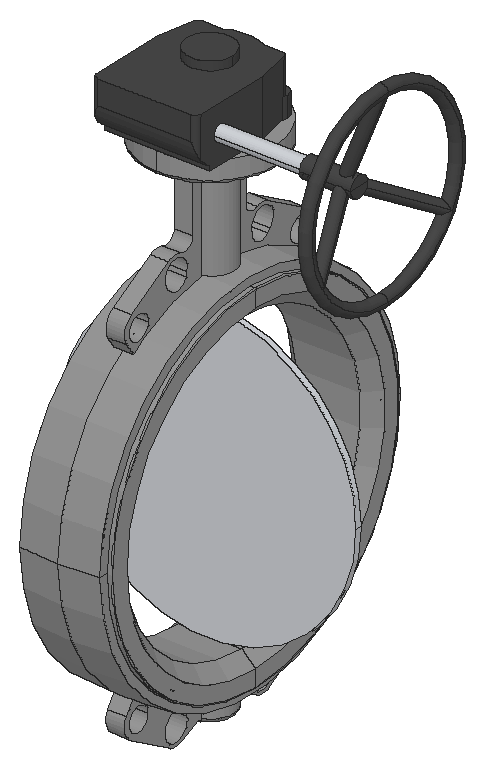
Revit family "HERZ Isolating Butterfly Valves ZF-4219 with gearbox", category Rohrzubehör, Revit 2020
Family settings
  Bemaßung runder Anschluss = Durchmesser verwenden
  Teiletyp = Unterbricht
  Arbeitsebenenbasiert = Nein
  Immer vertikal = Ja
  Beim Laden mit Abzugskörper schneiden = Nein
  Gemeinsam genutzt = Nein
Parameters
  Weight [instance] = size_lookup("4219_ZF_G", "M", 37.6, Nennweite)  # 37.6
  Vorgabe-Ansicht = 0 mm
  URL = "www.herzvalves.com"
  Spindle = "stainless steel ASTM-A276 / Type 316"  # constant formula
  Screws PN16 [instance] = if(Nennweite = 50 mm, "4x M16x100", if(Nennweite = 65 mm, "4x M16x100", if(Nennweite = 80 mm, "8x M16x100", if(Nennweite = 100 mm, "8x M16x110", if(Nennweite = 125 mm, "8x M16x120", if(Nennweite = 150 mm, "8x M20x120", if(Nennweite = 200 mm, "12x M20x130", if(Nennweite = 250 mm, "12x M24x140", "12x M24x160"))))))))  # "12x M24x160"
  Screws PN 6 [instance] = if(Nennweite = 50 mm, "4x M12x100", if(Nennweite = 65 mm, "4x M12x100", if(Nennweite = 80 mm, "4x M16x100", if(Nennweite = 100 mm, "4x M16x100", if(Nennweite = 125 mm, "8x M16x110", if(Nennweite = 150 mm, "8x M16x110", if(Nennweite = 200 mm, "--", if(Nennweite = 250 mm, "12x M16x130", "12xM16x140"))))))))  # "12xM16x140"
  Screws PN10 [instance] = if(Nennweite = 50 mm, "4x M16x100", if(Nennweite = 65 mm, "4x M16x100", if(Nennweite = 80 mm, "4x M16x100", if(Nennweite = 100 mm, "4x M16x110", if(Nennweite = 125 mm, "8x M16x120", if(Nennweite = 150 mm, "8x M20x120", if(Nennweite = 200 mm, "8x M20x130", if(Nennweite = 250 mm, "12x M20x130", "12x M20x150"))))))))  # "12x M20x150"
  SCTWSEQ = "FW;SBT_TYP_FW=\"101\";2"
  SCTWCODE = "04;07;02"  # constant formula
  SCRNSEQ = "ARM;ARM_TYP=\"ALLF\";2"
  SCRNCODE = "05;13;02"  # constant formula
  R_Dichtung = 1.5 mm  # constant formula
  Part number [instance] = size_lookup("4219_ZF_G", "Artnr", 1421901, Nennweite)  # 1421969
  PN16 [instance] = or(Nennweite = 50 mm, Nennweite = 65 mm, Nennweite = 80 mm, Nennweite = 100 mm, Nennweite = 125 mm, Nennweite = 150 mm, Nennweite = 200 mm, Nennweite = 250 mm, Nennweite = 300 mm)  # yes
  PN10 [instance] = or(Nennweite = 50 mm, Nennweite = 65 mm, Nennweite = 80 mm, Nennweite = 100 mm, Nennweite = 125 mm, Nennweite = 150 mm, Nennweite = 200 mm, Nennweite = 250 mm, Nennweite = 300 mm)  # yes
  PN 6 [instance] = or(Nennweite = 50 mm, Nennweite = 65 mm, Nennweite = 80 mm, Nennweite = 100 mm, Nennweite = 125 mm, Nennweite = 150 mm, Nennweite = 250 mm, Nennweite = 300 mm)  # yes
  PN [instance] = 16  # constant formula
  O-Ring = "EPDM according to ISO 1691"  # constant formula
  Nennweite [instance] = 300 mm
  Min. operating temperature = "-20.00 °C with appropriate water-glycol mixture"  # constant formula
  Medium = "Heating water quality according ÖNORM H5195 or VDI-Standard 2035. The use of ethylene or propylene glycol in a\nmixing ratio 25- 50% is allowed."
  Max. operating temperature = 110 °C  # constant formula
  LO1 [instance] = R05 + 10 mm  # 193 mm
  L16 [instance] = L01 - L13  # 299 mm
  L15 [instance] = L01 + L12  # 328 mm
  L14 [instance] = size_lookup("4219_ZF_G", "L_14", 44.4 mm, Nennweite)  # 89.4 mm
  L13 [instance] = size_lookup("4219_ZF_G", "L_13", 15 mm, Nennweite)  # 9 mm
  L12 [instance] = size_lookup("4219_ZF_G", "L_12", 15 mm, Nennweite)  # 20 mm
  L11 [instance] = size_lookup("4219_ZF_G", "L_11", 15 mm, Nennweite)  # 23 mm
  L10 [instance] = size_lookup("4219_ZF_G", "L_10", 16 mm, Nennweite)  # 16 mm
  L09 [instance] = size_lookup("4219_ZF_G", "L9", 29 mm, Nennweite)  # 61 mm
  L08 [instance] = size_lookup("4219_ZF_G", "L8", 43 mm, Nennweite)  # 78 mm
  L07 [instance] = size_lookup("4219_ZF_G", "L7", 3.5 mm, Nennweite)  # 4.5 mm
  L06 [instance] = size_lookup("4219_ZF_G", "L6", 18 mm, Nennweite)  # 44 mm
  L05 [instance] = size_lookup("4219_ZF_G", "L5", 35 mm, Nennweite)  # 67 mm
  L04 [instance] = size_lookup("4219_ZF_G", "L4", 35 mm, Nennweite)  # 17.5 mm
  L03 [instance] = size_lookup("4219_ZF_G", "L3", 35 mm, Nennweite)  # 207.5 mm
  L02 [instance] = size_lookup("4219_ZF_G", "L2", 35 mm, Nennweite)  # 122 mm
  L01 [instance] = size_lookup("4219_ZF_G", "L1", 35 mm, Nennweite)  # 308 mm
  Hersteller = "HERZ Armaturen Ges.m.b.H."  # constant formula
  H [instance] = size_lookup("4219_ZF_G", "H1", 9 mm, Nennweite)  # 22 mm
  Flange = "according to EN1092-2"  # constant formula
  Einbaudatum [instance] = ""
  Troque in Nm [instance] = size_lookup("4219_ZF_G", "NM", 350, Nennweite)  # 350
  Disc = "stainless steel 1.4408"  # constant formula
  DN300 [instance] = Nennweite = 300 mm  # yes
  DN250 [instance] = Nennweite = 250 mm  # no
  DN200 [instance] = Nennweite = 200 mm  # no
  DN150 [instance] = Nennweite = 150 mm  # no
  DN125 [instance] = Nennweite = 125 mm  # no
  DN100 [instance] = Nennweite = 100 mm  # no
  DN 80 [instance] = Nennweite = 80 mm  # no
  DN 65 [instance] = Nennweite = 65 mm  # no
  DN 50 [instance] = Nennweite = 50 mm  # no
  Chargennummer [instance] = ""
  Body sealing = "EPDM according to ISO 1691"  # constant formula
  Body = "GG, GJL-250/JL1040, according to EN1561"  # constant formula
  BD [instance] = size_lookup("4219_ZF_G", "DB", 24 mm, Nennweite)  # 290 mm
  D09 [instance] = size_lookup("4219_ZF_G", "D9", 24 mm, Nennweite)  # 145 mm
  D08 [instance] = size_lookup("4219_ZF_G", "D8", 47 mm, Nennweite)  # 18 mm
  D07 [instance] = size_lookup("4219_ZF_G", "D7", 47 mm, Nennweite)  # 37.5 mm
  D06 [instance] = size_lookup("4219_ZF_G", "D6", 47 mm, Nennweite)  # 65 mm
  R05 [instance] = size_lookup("4219_ZF_G", "D5", 47 mm, Nennweite)  # 183 mm
  D05 [instance] = R05 * 2  # 366 mm
  D04 [instance] = size_lookup("4219_ZF_G", "D4", 41 mm, Nennweite)  # 175 mm
  D03 [instance] = size_lookup("4219_ZF_G", "D3", 35.5 mm, Nennweite)  # 167.5 mm
  R01 [instance] = size_lookup("4219_ZF_G", "D1", 28 mm, Nennweite)  # 154.5 mm
  R02 [instance] = size_lookup("4219_ZF_G", "D2", 30 mm, Nennweite)  # 156.5 mm
  Application = "Suitable for fluids in building services, cold water systems, hot water saystems, etc."
Reference planes
  plane 1 "Mitte (Vorne/hinten)": y = 0
  plane 2: z = 0
  plane 3 "Mitte (Links/rechts)": x = 0
Forms (mm)
  Revolve 1, solid, material "Herz-Metall-blau", detail levels fine
    sketch origin (0, 0, 0) x (1, 0, 0) y (0, 1, 0)
      loop
        line (0, 185.241) -> (-39, 183) -> (-39, 175) -> (-30.5, 175) -> (-30.5, 167.5) -> (-32, 167.5)
        arc (-32, 167.5) -> (-33.061, 167.061) -> (-33.5, 166) r 1.5
        line (-33.5, 166) -> (-33.5, 156.824)
        arc (-33.5, 156.824) -> (-33.229, 155.964) -> (-32.513, 155.415) r 1.5
        line (-32.513, 155.415) -> (-29, 154.5) -> (-22, 154.5) -> (-22, 156.5) -> (22, 156.5) -> (22, 154.5) -> (29, 154.5) -> (32.513, 155.415)
        arc (32.513, 155.415) -> (33.229, 155.964) -> (33.5, 156.824) r 1.5
        line (33.5, 156.824) -> (33.5, 166)
        arc (33.5, 166) -> (33.061, 167.061) -> (32, 167.5) r 1.5
        line (32, 167.5) -> (30.5, 167.5) -> (30.5, 175) -> (39, 175) -> (39, 183) -> (0, 185.241)
      axis (39, 0) -> (-39, 0)
    angle from 0 to 360
  Extrusion 2, solid, material "Herz-Metall-blau", visible <- "DN 50", detail levels fine
    sketch origin (0, 0, 0) x (0, 1, 0) y (0, 0, 1)
      loop
        line (20, 54.051) -> (20.008, 111.113) -> (16.897, 110.952)
        arc (16.897, 110.952) -> (15.55, 110.331) -> (15, 108.954) r 2
        line (15, 108.954) -> (15, 44.542)
        arc (15, 44.542) -> (31.465, 34.913) -> (42.748, 19.534) r 47
        arc (42.748, 19.534) -> (42.633, 20.873) -> (43.392, 21.983) r 2
        line (43.392, 21.983) -> (54.714, 30.209)
        arc (54.714, 30.209) -> (56.569, 56.569) -> (30.209, 54.714) r 17.5
        line (30.209, 54.714) -> (27.87, 51.494)
        arc (27.87, 51.494) -> (23.006, 49.914) -> (20, 54.051) r 4.35
      loop
        arc (32.065, 41.998) -> (33.588, 33.588) -> (41.998, 32.065) r 7.5
        line (41.998, 32.065) -> (48.502, 35.17)
        arc (48.502, 35.17) -> (51.265, 51.265) -> (35.17, 48.502) r 10
        line (35.17, 48.502) -> (32.065, 41.998)
      loop
        arc (-20, 54.051) -> (-23.006, 49.914) -> (-27.87, 51.494) r 4.35
        line (-27.87, 51.494) -> (-30.209, 54.714)
        arc (-30.209, 54.714) -> (-56.569, 56.569) -> (-54.714, 30.209) r 17.5
        line (-54.714, 30.209) -> (-43.392, 21.983)
        arc (-43.392, 21.983) -> (-42.633, 20.873) -> (-42.748, 19.534) r 2
        arc (-42.748, 19.534) -> (-31.465, 34.913) -> (-15, 44.542) r 47
        line (-15, 44.542) -> (-15, 108.954)
        arc (-15, 108.954) -> (-15.55, 110.331) -> (-16.897, 110.952) r 2
        line (-16.897, 110.952) -> (-20.008, 111.113) -> (-20, 54.051)
      loop
        line (-32.065, 41.998) -> (-35.17, 48.502)
        arc (-35.17, 48.502) -> (-51.265, 51.265) -> (-48.502, 35.17) r 10
        line (-48.502, 35.17) -> (-41.998, 32.065)
        arc (-41.998, 32.065) -> (-33.588, 33.588) -> (-32.065, 41.998) r 7.5
      loop
        line (32.065, -41.998) -> (35.17, -48.502)
        arc (35.17, -48.502) -> (51.265, -51.265) -> (48.502, -35.17) r 10
        line (48.502, -35.17) -> (41.998, -32.065)
        arc (41.998, -32.065) -> (33.588, -33.588) -> (32.065, -41.998) r 7.5
      loop
        line (54.714, -30.209) -> (43.392, -21.983)
        arc (43.392, -21.983) -> (42.633, -20.873) -> (42.748, -19.534) r 2
        arc (42.748, -19.534) -> (33.234, -33.234) -> (19.534, -42.748) r 47
        arc (19.534, -42.748) -> (20.873, -42.633) -> (21.983, -43.392) r 2
        line (21.983, -43.392) -> (30.209, -54.714)
        arc (30.209, -54.714) -> (56.569, -56.569) -> (54.714, -30.209) r 17.5
      loop
        arc (-32.065, -41.998) -> (-33.588, -33.588) -> (-41.998, -32.065) r 7.5
        line (-41.998, -32.065) -> (-48.502, -35.17)
        arc (-48.502, -35.17) -> (-51.265, -51.265) -> (-35.17, -48.502) r 10
        line (-35.17, -48.502) -> (-32.065, -41.998)
      loop
        arc (-54.714, -30.209) -> (-56.569, -56.569) -> (-30.209, -54.714) r 17.5
        line (-30.209, -54.714) -> (-21.983, -43.392)
        arc (-21.983, -43.392) -> (-20.873, -42.633) -> (-19.534, -42.748) r 2
        arc (-19.534, -42.748) -> (-33.234, -33.234) -> (-42.748, -19.534) r 47
        arc (-42.748, -19.534) -> (-42.633, -20.873) -> (-43.392, -21.983) r 2
        line (-43.392, -21.983) -> (-54.714, -30.209)
    from -4.5 to 4.5
  Extrusion 3, solid, material "Herz-Metall-blau", visible <- "DN 65", detail levels fine
    sketch origin (0, 0, 0) x (0, 1, 0) y (0, 0, 1)
      loop
        arc (51.659, 21.619) -> (51.541, 22.778) -> (52.089, 23.805) r 2
        line (52.089, 23.805) -> (65.407, 37.123)
        arc (65.407, 37.123) -> (65.407, 65.407) -> (37.123, 65.407) r 20
        line (37.123, 65.407) -> (29.414, 57.699)
        arc (29.414, 57.699) -> (27.235, 57.265) -> (26, 59.113) r 2
        line (26, 59.113) -> (26, 136.154) -> (19.897, 135.838)
        arc (19.897, 135.838) -> (18.55, 135.218) -> (18, 133.841) r 2
        line (18, 133.841) -> (18, 53.028)
        arc (18, 53.028) -> (38.206, 40.942) -> (51.659, 21.619) r 56
      loop
        arc (55.637, 42.831) -> (57.983, 57.983) -> (42.831, 55.637) r 9.5
        line (42.831, 55.637) -> (39.647, 48.983)
        arc (39.647, 48.983) -> (41.012, 41.012) -> (48.983, 39.647) r 7
        line (48.983, 39.647) -> (55.637, 42.831)
      loop
        arc (51.659, -21.619) -> (39.598, -39.598) -> (21.619, -51.659) r 56
        arc (21.619, -51.659) -> (22.778, -51.541) -> (23.805, -52.089) r 2
        line (23.805, -52.089) -> (37.123, -65.407)
        arc (37.123, -65.407) -> (65.407, -65.407) -> (65.407, -37.123) r 20
        line (65.407, -37.123) -> (52.089, -23.805)
        arc (52.089, -23.805) -> (51.541, -22.778) -> (51.659, -21.619) r 2
      loop
        line (55.637, -42.831) -> (48.983, -39.647)
        arc (48.983, -39.647) -> (41.012, -41.012) -> (39.647, -48.983) r 7
        line (39.647, -48.983) -> (42.831, -55.637)
        arc (42.831, -55.637) -> (57.983, -57.983) -> (55.637, -42.831) r 9.5
      loop
        arc (-51.659, -21.619) -> (-51.541, -22.778) -> (-52.089, -23.805) r 2
        line (-52.089, -23.805) -> (-65.407, -37.123)
        arc (-65.407, -37.123) -> (-65.407, -65.407) -> (-37.123, -65.407) r 20
        line (-37.123, -65.407) -> (-23.805, -52.089)
        arc (-23.805, -52.089) -> (-22.778, -51.541) -> (-21.619, -51.659) r 2
        arc (-21.619, -51.659) -> (-39.598, -39.598) -> (-51.659, -21.619) r 56
      loop
        arc (-55.637, -42.831) -> (-57.983, -57.983) -> (-42.831, -55.637) r 9.5
        line (-42.831, -55.637) -> (-39.647, -48.983)
        arc (-39.647, -48.983) -> (-41.012, -41.012) -> (-48.983, -39.647) r 7
        line (-48.983, -39.647) -> (-55.637, -42.831)
      loop
        arc (-51.659, 21.619) -> (-38.206, 40.942) -> (-18, 53.028) r 56
        line (-18, 53.028) -> (-18, 133.838)
        arc (-18, 133.838) -> (-18.55, 135.215) -> (-19.897, 135.835) r 2
        line (-19.897, 135.835) -> (-26, 136.151) -> (-26, 59.113)
        arc (-26, 59.113) -> (-27.235, 57.265) -> (-29.414, 57.699) r 2
        line (-29.414, 57.699) -> (-37.123, 65.407)
        arc (-37.123, 65.407) -> (-65.407, 65.407) -> (-65.407, 37.123) r 20
        line (-65.407, 37.123) -> (-52.089, 23.805)
        arc (-52.089, 23.805) -> (-51.541, 22.778) -> (-51.659, 21.619) r 2
      loop
        line (-55.637, 42.831) -> (-48.983, 39.647)
        arc (-48.983, 39.647) -> (-41.012, 41.012) -> (-39.647, 48.983) r 7
        line (-39.647, 48.983) -> (-42.831, 55.637)
        arc (-42.831, 55.637) -> (-57.983, 57.983) -> (-55.637, 42.831) r 9.5
    from -4.5 to 4.5
  Extrusion 4, solid, material "Herz-Metall-blau", visible <- "DN 80", detail levels fine
    sketch origin (0, 0, 0) x (0, 1, 0) y (0, 0, 1)
      loop
        line (26, 143.161) -> (20.397, 142.871)
        arc (20.397, 142.871) -> (19.05, 142.251) -> (18.5, 140.874) r 2
        line (18.5, 140.874) -> (18.5, 62.833)
        arc (18.5, 62.833) -> (41.296, 50.842) -> (57.706, 30.989) r 65.5
        arc (57.706, 30.989) -> (57.482, 32.176) -> (57.983, 33.275) r 2
        line (57.983, 33.275) -> (67.23, 43.52)
        arc (67.23, 43.52) -> (70.328, 54.798) -> (65.407, 65.407) r 17
        line (65.407, 65.407) -> (42.005, 86.53)
        arc (42.005, 86.53) -> (37.832, 89.302) -> (33.031, 90.738) r 17
        arc (33.031, 90.738) -> (27.974, 93.895) -> (26, 99.52) r 9
        line (26, 99.52) -> (26, 143.161)
      loop
        circle (30.615, 73.91) r 9.5
      loop
        circle (53.387, 53.387) r 9.5
      loop
        arc (57.706, -30.989) -> (41.296, -50.842) -> (18.5, -62.833) r 65.5
        line (18.5, -62.833) -> (18.5, -85.837)
        arc (18.5, -85.837) -> (30.113, -90.903) -> (42.005, -86.53) r 17
        line (42.005, -86.53) -> (65.407, -65.407)
        arc (65.407, -65.407) -> (70.328, -54.798) -> (67.23, -43.52) r 17
        line (67.23, -43.52) -> (57.983, -33.275)
        arc (57.983, -33.275) -> (57.482, -32.176) -> (57.706, -30.989) r 2
      loop
        circle (30.615, -73.91) r 9.5
      loop
        circle (53.387, -53.387) r 9.5
      loop
        arc (-57.706, -30.989) -> (-57.482, -32.176) -> (-57.983, -33.275) r 2
        line (-57.983, -33.275) -> (-67.23, -43.52)
        arc (-67.23, -43.52) -> (-70.328, -54.798) -> (-65.407, -65.407) r 17
        line (-65.407, -65.407) -> (-42.005, -86.53)
        arc (-42.005, -86.53) -> (-30.113, -90.903) -> (-18.5, -85.837) r 17
        line (-18.5, -85.837) -> (-18.5, -62.833)
        arc (-18.5, -62.833) -> (-41.296, -50.842) -> (-57.706, -30.989) r 65.5
      loop
        circle (-30.615, -73.91) r 9.5
      loop
        circle (-53.387, -53.387) r 9.5
      loop
        line (-26, 143.179) -> (-26, 99.52)
        arc (-26, 99.52) -> (-27.974, 93.895) -> (-33.031, 90.738) r 9
        arc (-33.031, 90.738) -> (-37.832, 89.302) -> (-42.005, 86.53) r 17
        line (-42.005, 86.53) -> (-65.407, 65.407)
        arc (-65.407, 65.407) -> (-70.328, 54.798) -> (-67.23, 43.52) r 17
        line (-67.23, 43.52) -> (-57.983, 33.275)
        arc (-57.983, 33.275) -> (-57.482, 32.176) -> (-57.706, 30.989) r 2
        arc (-57.706, 30.989) -> (-41.296, 50.842) -> (-18.5, 62.833) r 65.5
        line (-18.5, 62.833) -> (-18.5, 140.891)
        arc (-18.5, 140.891) -> (-19.05, 142.268) -> (-20.397, 142.888) r 2
        line (-20.397, 142.888) -> (-26, 143.179)
      loop
        circle (-30.615, 73.91) r 9.5
      loop
        circle (-53.387, 53.387) r 9.5
    from -4.5 to 4.5
  Extrusion 5, solid, material "Herz-Metall-blau", visible <- "DN100", detail levels fine
    sketch origin (0, 0, 0) x (0, 1, 0) y (0, 0, 1)
      loop
        line (64.131, 38.887) -> (73.681, 49.873)
        arc (73.681, 49.873) -> (77.063, 61.29) -> (72.125, 72.125) r 17
        line (72.125, 72.125) -> (45.809, 95.79)
        arc (45.809, 95.79) -> (41.366, 98.675) -> (36.25, 100.053) r 17
        arc (36.25, 100.053) -> (28.882, 104.596) -> (26, 112.759) r 13
        line (26, 112.759) -> (26, 166.173) -> (20.397, 165.883)
        arc (20.397, 165.883) -> (19.05, 165.263) -> (18.5, 163.886) r 2
        line (18.5, 163.886) -> (18.5, 72.683)
        arc (18.5, 72.683) -> (44.637, 60.27) -> (64.131, 38.887) r 75
      loop
        circle (60.104, 60.104) r 9.5
      loop
        circle (34.442, 83.149) r 9.5
      loop
        arc (64.131, -38.887) -> (44.637, -60.27) -> (18.5, -72.683) r 75
        line (18.5, -72.683) -> (18.5, -95.329)
        arc (18.5, -95.329) -> (21.473, -95.603) -> (24.233, -96.743) r 10
        arc (24.233, -96.743) -> (35.191, -100.133) -> (45.809, -95.79) r 17
        line (45.809, -95.79) -> (72.125, -72.125)
        arc (72.125, -72.125) -> (77.063, -61.29) -> (73.681, -49.873) r 17
        line (73.681, -49.873) -> (64.131, -38.887)
      loop
        circle (60.104, -60.104) r 9.5
      loop
        circle (34.442, -83.149) r 9.5
      loop
        line (-64.131, -38.887) -> (-73.681, -49.873)
        arc (-73.681, -49.873) -> (-77.063, -61.29) -> (-72.125, -72.125) r 17
        line (-72.125, -72.125) -> (-45.809, -95.79)
        arc (-45.809, -95.79) -> (-35.191, -100.133) -> (-24.233, -96.743) r 17
        arc (-24.233, -96.743) -> (-21.473, -95.603) -> (-18.5, -95.329) r 10
        line (-18.5, -95.329) -> (-18.5, -72.683)
        arc (-18.5, -72.683) -> (-44.637, -60.27) -> (-64.131, -38.887) r 75
      loop
        circle (-60.104, -60.104) r 9.5
      loop
        circle (-34.442, -83.149) r 9.5
      loop
        arc (-64.131, 38.887) -> (-44.637, 60.27) -> (-18.5, 72.683) r 75
        line (-18.5, 72.683) -> (-18.5, 163.876)
        arc (-18.5, 163.876) -> (-19.05, 165.253) -> (-20.397, 165.873) r 2
        line (-20.397, 165.873) -> (-26, 166.164) -> (-26, 112.759)
        arc (-26, 112.759) -> (-28.882, 104.596) -> (-36.25, 100.053) r 13
        arc (-36.25, 100.053) -> (-41.366, 98.675) -> (-45.809, 95.79) r 17
        line (-45.809, 95.79) -> (-72.125, 72.125)
        arc (-72.125, 72.125) -> (-77.063, 61.29) -> (-73.681, 49.873) r 17
        line (-73.681, 49.873) -> (-64.131, 38.887)
      loop
        circle (-60.104, 60.104) r 9.5
      loop
        circle (-34.442, 83.149) r 9.5
    from -4.5 to 4.5
  Extrusion 6, solid, material "Herz-Metall-blau", visible <- "DN125", detail levels fine
    sketch origin (0, 0, 0) x (0, 1, 0) y (0, 0, 1)
      loop
        arc (75.229, 48.945) -> (74.917, 50.244) -> (75.492, 51.45) r 2
        line (75.492, 51.45) -> (82.731, 58.69)
        arc (82.731, 58.69) -> (87.711, 70.711) -> (82.731, 82.731) r 17
        line (82.731, 82.731) -> (51.291, 109.875)
        arc (51.291, 109.875) -> (46.108, 112.941) -> (40.182, 114.007) r 17
        line (40.182, 114.007) -> (38, 114.007)
        arc (38, 114.007) -> (29.515, 117.522) -> (26, 126.007) r 12
        line (26, 126.007) -> (26, 185.157) -> (20.397, 184.867)
        arc (20.397, 184.867) -> (19.05, 184.246) -> (18.5, 182.869) r 2
        line (18.5, 182.869) -> (18.5, 87.823)
        arc (18.5, 87.823) -> (50.736, 74.033) -> (75.229, 48.945) r 89.75
      loop
        circle (40.182, 97.007) r 9.5
      loop
        circle (70.711, 70.711) r 9.5
      loop
        arc (75.229, -48.945) -> (50.736, -74.033) -> (18.5, -87.823) r 89.75
        line (18.5, -87.823) -> (18.5, -108.431)
        arc (18.5, -108.431) -> (24.248, -107.655) -> (29.46, -110.2) r 10
        arc (29.46, -110.2) -> (40.434, -114.005) -> (51.291, -109.875) r 17
        line (51.291, -109.875) -> (82.731, -82.731)
        arc (82.731, -82.731) -> (87.711, -70.711) -> (82.731, -58.69) r 17
        line (82.731, -58.69) -> (75.492, -51.45)
        arc (75.492, -51.45) -> (74.917, -50.244) -> (75.229, -48.945) r 2
      loop
        circle (40.182, -97.007) r 9.5
      loop
        circle (70.711, -70.711) r 9.5
      loop
        arc (-75.229, -48.945) -> (-74.917, -50.244) -> (-75.492, -51.45) r 2
        line (-75.492, -51.45) -> (-82.731, -58.69)
        arc (-82.731, -58.69) -> (-87.711, -70.711) -> (-82.731, -82.731) r 17
        line (-82.731, -82.731) -> (-51.291, -109.875)
        arc (-51.291, -109.875) -> (-40.434, -114.005) -> (-29.46, -110.2) r 17
        arc (-29.46, -110.2) -> (-24.248, -107.655) -> (-18.5, -108.431) r 10
        line (-18.5, -108.431) -> (-18.5, -87.823)
        arc (-18.5, -87.823) -> (-50.736, -74.033) -> (-75.229, -48.945) r 89.75
      loop
        circle (-40.182, -97.007) r 9.5
      loop
        circle (-70.711, -70.711) r 9.5
      loop
        arc (-75.229, 48.945) -> (-50.736, 74.033) -> (-18.5, 87.823) r 89.75
        line (-18.5, 87.823) -> (-18.5, 182.852)
        arc (-18.5, 182.852) -> (-19.05, 184.23) -> (-20.397, 184.85) r 2
        line (-20.397, 184.85) -> (-26, 185.14) -> (-26, 126.007)
        arc (-26, 126.007) -> (-29.515, 117.522) -> (-38, 114.007) r 12
        line (-38, 114.007) -> (-40.182, 114.007)
        arc (-40.182, 114.007) -> (-46.108, 112.941) -> (-51.291, 109.875) r 17
        line (-51.291, 109.875) -> (-82.731, 82.731)
        arc (-82.731, 82.731) -> (-87.711, 70.711) -> (-82.731, 58.69) r 17
        line (-82.731, 58.69) -> (-75.492, 51.45)
        arc (-75.492, 51.45) -> (-74.917, 50.244) -> (-75.229, 48.945) r 2
      loop
        circle (-40.182, 97.007) r 9.5
      loop
        circle (-70.711, 70.711) r 9.5
    from -6 to 6
  Extrusion 7, solid, material "Herz-Metall-blau", visible <- "DN150", detail levels fine
    sketch origin (0, 0, 0) x (0, 1, 0) y (0, 0, 1)
      loop
        line (83.495, 59.454) -> (91.57, 67.529)
        arc (91.57, 67.529) -> (96.55, 79.55) -> (91.57, 91.57) r 17
        line (91.57, 91.57) -> (57.511, 123.304)
        arc (57.511, 123.304) -> (45.758, 127.865) -> (34.095, 123.077) r 17
        arc (34.095, 123.077) -> (28.976, 122.416) -> (26, 126.633) r 5
        line (26, 126.633) -> (26, 198.177) -> (20.397, 197.887)
        arc (20.397, 197.887) -> (19.05, 197.267) -> (18.5, 195.889) r 2
        line (18.5, 195.889) -> (18.5, 100.817)
        arc (18.5, 100.817) -> (55.032, 86.474) -> (83.495, 59.454) r 102.5
      loop
        circle (45.922, 110.866) r 11.5
      loop
        circle (79.55, 79.55) r 9.5
      loop
        circle (45.922, -110.866) r 11.5
      loop
        circle (79.55, -79.55) r 9.5
      loop
        line (91.57, -67.529) -> (83.495, -59.454)
        arc (83.495, -59.454) -> (55.032, -86.474) -> (18.5, -100.817) r 102.5
        line (18.5, -100.817) -> (18.5, -123.208)
        arc (18.5, -123.208) -> (19.363, -121.755) -> (21.03, -121.482) r 2
        line (21.03, -121.482) -> (42.642, -127.546)
        arc (42.642, -127.546) -> (50.587, -127.213) -> (57.511, -123.304) r 17
        line (57.511, -123.304) -> (91.57, -91.57)
        arc (91.57, -91.57) -> (96.55, -79.55) -> (91.57, -67.529) r 17
      loop
        arc (-83.495, 59.454) -> (-55.032, 86.474) -> (-18.5, 100.817) r 102.5
        line (-18.5, 100.817) -> (-18.5, 195.875)
        arc (-18.5, 195.875) -> (-19.05, 197.252) -> (-20.397, 197.872) r 2
        line (-20.397, 197.872) -> (-26, 198.163) -> (-26, 126.633)
        arc (-26, 126.633) -> (-28.976, 122.416) -> (-34.095, 123.077) r 5
        arc (-34.095, 123.077) -> (-45.758, 127.865) -> (-57.511, 123.304) r 17
        line (-57.511, 123.304) -> (-91.57, 91.57)
        arc (-91.57, 91.57) -> (-96.55, 79.55) -> (-91.57, 67.529) r 17
        line (-91.57, 67.529) -> (-83.495, 59.454)
      loop
        circle (-45.922, 110.866) r 11.5
      loop
        circle (-79.55, 79.55) r 9.5
      loop
        circle (-45.922, -110.866) r 11.5
      loop
        circle (-79.55, -79.55) r 9.5
      loop
        arc (-91.57, -67.529) -> (-96.55, -79.55) -> (-91.57, -91.57) r 17
        line (-91.57, -91.57) -> (-57.511, -123.304)
        arc (-57.511, -123.304) -> (-50.587, -127.213) -> (-42.642, -127.546) r 17
        line (-42.642, -127.546) -> (-21.03, -121.482)
        arc (-21.03, -121.482) -> (-19.363, -121.755) -> (-18.5, -123.208) r 2
        line (-18.5, -123.208) -> (-18.5, -100.817)
        arc (-18.5, -100.817) -> (-55.032, -86.474) -> (-83.495, -59.454) r 102.5
        line (-83.495, -59.454) -> (-91.57, -67.529)
    from -7 to 7
  Extrusion 8, solid, material "Herz-Metall-blau", visible <- "DN200", detail levels fine
    sketch origin (0, 0, 0) x (0, 1, 0) y (0, 0, 1)
      loop
        arc (42.048, 153.832) -> (26.654, 145.827) -> (35.349, 130.812) r 12
        line (35.349, 130.812) -> (53.31, 124.689)
        arc (53.31, 124.689) -> (67.804, 132.4) -> (61.038, 147.359) r 12
        line (61.038, 147.359) -> (42.048, 153.832)
      loop
        line (28, 226.273) -> (22.065, 226.047)
        arc (22.065, 226.047) -> (20.655, 225.469) -> (20, 224.092) r 2.114
        line (20, 224.092) -> (20, 129.471)
        arc (20, 129.471) -> (49.604, 121.273) -> (76.485, 106.406) r 130.989
        line (76.485, 106.406) -> (76.485, 136.265)
        arc (76.485, 136.265) -> (73.108, 147.391) -> (64.117, 154.764) r 20.019
        line (64.117, 154.764) -> (38.16, 163.592)
        arc (38.16, 163.592) -> (30.802, 169.06) -> (28, 177.79) r 15
        line (28, 177.79) -> (28, 226.273)
      loop
        line (42.048, -153.832) -> (61.038, -147.359)
        arc (61.038, -147.359) -> (67.804, -132.4) -> (53.31, -124.689) r 12
        line (53.31, -124.689) -> (35.349, -130.812)
        arc (35.349, -130.812) -> (26.654, -145.827) -> (42.048, -153.832) r 12
      loop
        arc (76.446, -106.382) -> (49.585, -121.253) -> (20, -129.464) r 131
        line (20, -129.464) -> (20, -141.835)
        arc (20, -141.835) -> (28.361, -158.099) -> (46.453, -160.765) r 20
        line (46.453, -160.765) -> (64.099, -154.75)
        arc (64.099, -154.75) -> (73.075, -147.384) -> (76.446, -136.272) r 20
        line (76.446, -136.272) -> (76.446, -106.382)
      loop
        arc (-42.048, -153.832) -> (-26.654, -145.827) -> (-35.349, -130.812) r 12
        line (-35.349, -130.812) -> (-53.31, -124.689)
        arc (-53.31, -124.689) -> (-67.804, -132.4) -> (-61.038, -147.359) r 12
        line (-61.038, -147.359) -> (-42.048, -153.832)
      loop
        line (-76.446, -106.382) -> (-76.446, -136.272)
        arc (-76.446, -136.272) -> (-73.075, -147.384) -> (-64.099, -154.75) r 20
        line (-64.099, -154.75) -> (-46.453, -160.765)
        arc (-46.453, -160.765) -> (-28.361, -158.099) -> (-20, -141.835) r 20
        line (-20, -141.835) -> (-20, -129.464)
        arc (-20, -129.464) -> (-49.585, -121.253) -> (-76.446, -106.382) r 131
      loop
        line (-42.048, 153.832) -> (-61.038, 147.359)
        arc (-61.038, 147.359) -> (-67.804, 132.4) -> (-53.31, 124.689) r 12
        line (-53.31, 124.689) -> (-35.349, 130.812)
        arc (-35.349, 130.812) -> (-26.654, 145.827) -> (-42.048, 153.832) r 12
      loop
        line (-28, 226.278) -> (-28, 177.79)
        arc (-28, 177.79) -> (-30.802, 169.06) -> (-38.16, 163.592) r 15
        line (-38.16, 163.592) -> (-64.117, 154.764)
        arc (-64.117, 154.764) -> (-73.108, 147.391) -> (-76.485, 136.265) r 20.019
        line (-76.485, 136.265) -> (-76.485, 106.406)
        arc (-76.485, 106.406) -> (-49.604, 121.273) -> (-20, 129.471) r 130.989
        line (-20, 129.471) -> (-20, 224.098)
        arc (-20, 224.098) -> (-20.655, 225.475) -> (-22.065, 226.053) r 2.114
        line (-22.065, 226.053) -> (-28, 226.278)
    from -7 to 7
  Extrusion 9, solid, material "Herz-Metall-blau", visible <- "DN250", detail levels fine
    sketch origin (0, 0, 0) x (0, 1, 0) y (0, 0, 1)
      loop
        arc (-95.9, 125.382) -> (-61.406, 145.382) -> (-23, 156.095) r 157.75
        line (-23, 156.095) -> (-23, 258.814)
        arc (-23, 258.814) -> (-23.588, 260.113) -> (-24.893, 260.69) r 2
        line (-24.893, 260.69) -> (-32, 261.058) -> (-32, 187.712)
        arc (-32, 187.712) -> (-33.507, 185.205) -> (-36.428, 185.359) r 2.84
        arc (-36.428, 185.359) -> (-43.951, 188.152) -> (-51.918, 187.184) r 17
        line (-51.918, 187.184) -> (-97.072, 155.872)
        arc (-97.072, 155.872) -> (-100.207, 149.167) -> (-100.195, 141.765) r 17
        line (-100.195, 141.765) -> (-95.9, 125.382)
      loop
        circle (-83.608, 145.492) r 9.5
      loop
        circle (-45.549, 171.269) r 14
      loop
        arc (96.192, -125.349) -> (61.575, -145.51) -> (23, -156.317) r 157.999
        line (23, -156.317) -> (23, -181.388) -> (27.217, -181.388)
        arc (27.217, -181.388) -> (30.142, -181.826) -> (32.812, -183.1) r 10
        line (32.812, -183.1) -> (36.428, -185.542)
        arc (36.428, -185.542) -> (44.468, -188.388) -> (52.878, -186.972) r 17
        line (52.878, -186.972) -> (97.463, -155.872)
        arc (97.463, -155.872) -> (100.598, -149.167) -> (100.586, -141.765) r 17
        line (100.586, -141.765) -> (96.192, -125.349)
      loop
        circle (84, -145.492) r 9.5
      loop
        circle (45.94, -171.452) r 14
      loop
        line (-96.192, -125.349) -> (-100.586, -141.765)
        arc (-100.586, -141.765) -> (-100.598, -149.167) -> (-97.463, -155.872) r 17
        line (-97.463, -155.872) -> (-52.878, -186.972)
        arc (-52.878, -186.972) -> (-44.468, -188.388) -> (-36.428, -185.542) r 17
        line (-36.428, -185.542) -> (-32.812, -183.1)
        arc (-32.812, -183.1) -> (-30.142, -181.826) -> (-27.217, -181.388) r 10
        line (-27.217, -181.388) -> (-23, -181.388) -> (-23, -156.317)
        arc (-23, -156.317) -> (-61.575, -145.51) -> (-96.192, -125.349) r 157.999
      loop
        circle (-84, -145.492) r 9.5
      loop
        circle (-45.94, -171.452) r 14
      loop
        line (95.9, 125.2) -> (100.195, 141.582)
        arc (100.195, 141.582) -> (100.207, 148.984) -> (97.072, 155.689) r 17
        line (97.072, 155.689) -> (51.919, 187.036)
        arc (51.919, 187.036) -> (43.952, 188.006) -> (36.428, 185.212) r 17
        arc (36.428, 185.212) -> (33.507, 185.058) -> (32, 187.566) r 2.84
        line (32, 187.566) -> (32, 261.045) -> (24.893, 260.677)
        arc (24.893, 260.677) -> (23.588, 260.1) -> (23, 258.801) r 2
        line (23, 258.801) -> (23, 155.948)
        arc (23, 155.948) -> (61.411, 145.223) -> (95.9, 125.2) r 157.605
      loop
        circle (83.608, 145.31) r 9.5
      loop
        circle (45.549, 171.122) r 14
    from -9 to 9
  Extrusion 10, solid, material "Herz-Metall-blau", visible <- "DN300", detail levels fine
    sketch origin (0, 0, 0) x (0, 1, 0) y (0, 0, 1)
      loop
        arc (62.57, 187.834) -> (56.268, 211.23) -> (39.112, 194.12) r 14
        line (39.112, 194.12) -> (40.223, 189.928)
        arc (40.223, 189.928) -> (48.374, 181.769) -> (59.504, 184.767) r 11.5
        line (59.504, 184.767) -> (62.57, 187.834)
      loop
        circle (98.337, 170.892) r 12
      loop
        arc (113.094, 162.454) -> (114.748, 175.326) -> (106.837, 185.615) r 17
        line (106.837, 185.615) -> (61.701, 211.919)
        arc (61.701, 211.919) -> (54.44, 214.463) -> (46.806, 213.516) r 16.852
        arc (46.806, 213.516) -> (36.904, 213.681) -> (32, 222.285) r 10
        line (32, 222.285) -> (32, 286.38) -> (24.895, 286.033)
        arc (24.895, 286.033) -> (23.576, 285.442) -> (23, 284.117) r 2
        line (23, 284.117) -> (23, 181.202)
        arc (23, 181.202) -> (65.613, 170.505) -> (104.437, 149.94) r 182.63
        line (104.437, 149.94) -> (113.094, 162.454)
      loop
        line (62.984, -188.142) -> (59.917, -185.075)
        arc (59.917, -185.075) -> (48.787, -182.077) -> (40.637, -190.235) r 11.5
        line (40.637, -190.235) -> (39.525, -194.427)
        arc (39.525, -194.427) -> (56.681, -211.538) -> (62.984, -188.142) r 14
      loop
        circle (98.75, -171.04) r 12
      loop
        line (113.508, -162.601) -> (104.75, -150.055)
        arc (104.75, -150.055) -> (65.787, -170.766) -> (23, -181.549) r 183
        line (23, -181.549) -> (23, -206.327)
        arc (23, -206.327) -> (24.157, -204.218) -> (26.558, -204.062) r 2.5
        line (26.558, -204.062) -> (45.918, -213.443)
        arc (45.918, -213.443) -> (53.906, -214.994) -> (61.701, -212.654) r 17
        line (61.701, -212.654) -> (107.25, -185.762)
        arc (107.25, -185.762) -> (115.162, -175.474) -> (113.508, -162.601) r 17
      loop
        arc (-62.984, -188.142) -> (-56.681, -211.538) -> (-39.525, -194.427) r 14
        line (-39.525, -194.427) -> (-40.637, -190.235)
        arc (-40.637, -190.235) -> (-48.787, -182.077) -> (-59.917, -185.075) r 11.5
        line (-59.917, -185.075) -> (-62.984, -188.142)
      loop
        circle (-98.75, -171.04) r 12
      loop
        arc (-113.508, -162.601) -> (-115.162, -175.474) -> (-107.25, -185.762) r 17
        line (-107.25, -185.762) -> (-61.701, -212.654)
        arc (-61.701, -212.654) -> (-53.906, -214.994) -> (-45.918, -213.443) r 17
        line (-45.918, -213.443) -> (-26.558, -204.062)
        arc (-26.558, -204.062) -> (-24.157, -204.218) -> (-23, -206.327) r 2.5
        line (-23, -206.327) -> (-23, -181.549)
        arc (-23, -181.549) -> (-65.787, -170.766) -> (-104.75, -150.055) r 183
        line (-104.75, -150.055) -> (-113.508, -162.601)
      loop
        line (-62.574, 188.142) -> (-59.508, 185.075)
        arc (-59.508, 185.075) -> (-48.378, 182.077) -> (-40.227, 190.235) r 11.5
        line (-40.227, 190.235) -> (-39.116, 194.427)
        arc (-39.116, 194.427) -> (-56.272, 211.538) -> (-62.574, 188.142) r 14
      loop
        circle (-98.34, 171.04) r 12
      loop
        line (-113.098, 162.601) -> (-104.44, 150.087)
        arc (-104.44, 150.087) -> (-65.611, 170.637) -> (-23, 181.326) r 182.753
        line (-23, 181.326) -> (-23, 284.115)
        arc (-23, 284.115) -> (-23.577, 285.441) -> (-24.896, 286.032) r 2
        line (-24.896, 286.032) -> (-32, 286.379) -> (-32, 222.593)
        arc (-32, 222.593) -> (-37.217, 213.811) -> (-47.425, 214.193) r 10
        arc (-47.425, 214.193) -> (-54.523, 214.911) -> (-61.291, 212.654) r 17
        line (-61.291, 212.654) -> (-106.84, 185.762)
        arc (-106.84, 185.762) -> (-114.752, 175.474) -> (-113.098, 162.601) r 17
    from -9 to 9
  Revolve 11, solid, material "Herz-Metall-blau"
    sketch origin (0, 0, 0) x (0, 1, 0) y (0, 0, 1)
      loop
        line (0, -183) -> (0, -207.5) -> (20, -207.5)
        arc (20, -207.5) -> (22.121, -206.621) -> (23, -204.5) r 3
        line (23, -204.5) -> (23, -181.549)
        arc (23, -181.549) -> (11.523, -182.637) -> (0, -183) r 183
      axis (0, -181.549) -> (0, -207.5)
    angle from 0 to 360
  Revolve 12, solid, material "Herz-Metall-blau"
    sketch origin (0, 0, 0) x (0, 1, 0) y (0, 0, 1)
      loop
        line (0, 299) -> (0, 183)
        arc (0, 183) -> (11.523, 182.637) -> (23, 181.549) r 183
        line (23, 181.549) -> (23, 284)
        arc (23, 284) -> (23.549, 285.377) -> (24.895, 285.998) r 2
        line (24.895, 285.998) -> (63.105, 288)
        arc (63.105, 288) -> (64.451, 288.621) -> (65, 289.997) r 2
        line (65, 289.997) -> (65, 308) -> (37.5, 308) -> (37.5, 299) -> (0, 299)
      axis (0, 308) -> (0, 181.549)
    angle from 0 to 360
  Revolve 13, solid, material "Gummi"
    sketch origin (0, 0, 0) x (1, 0, 0) y (0, 0, 1)
      loop
        arc (-43.208, 175) -> (-44.263, 174.563) -> (-44.7, 173.508) r 1.492
        line (-44.7, 173.508) -> (-44.7, 156.718) -> (-30.5, 145) -> (30.5, 145) -> (44.7, 157.945) -> (44.7, 174)
        arc (44.7, 174) -> (44.407, 174.707) -> (43.7, 175) r 1
        line (43.7, 175) -> (30.5, 175) -> (30.5, 167.5) -> (32, 167.5)
        arc (32, 167.5) -> (33.061, 167.061) -> (33.5, 166) r 1.5
        line (33.5, 166) -> (33.5, 156.988)
        arc (33.5, 156.988) -> (33.122, 155.993) -> (32.18, 155.499) r 1.5
        line (32.18, 155.499) -> (29, 154.5) -> (20.027, 154.5) -> (20.027, 156.5) -> (-23.973, 156.5) -> (-23.973, 154.5) -> (-29, 154.5) -> (-32.18, 155.499)
        arc (-32.18, 155.499) -> (-33.122, 155.993) -> (-33.5, 156.988) r 1.5
        line (-33.5, 156.988) -> (-33.5, 166)
        arc (-33.5, 166) -> (-33.061, 167.061) -> (-32, 167.5) r 1.5
        line (-32, 167.5) -> (-30.5, 167.5) -> (-30.5, 175) -> (-43.208, 175)
      axis (-44.7, 0) -> (44.7, 0)
    angle from 0 to 360
  Extrusion 14, solid, detail levels fine
    sketch origin (0, 0, 0) x (1, 0, 0) y (0, 0, 1)
      loop
        circle (0, 0) r 145
    from -3 to 3
  Extrusion 15, solid, detail levels fine
    sketch origin (0, 0, 0) x (1, 0, 0) y (0, 1, 0)
      loop
        line (0, 15.556) -> (-15.556, 0) -> (0, -15.556) -> (15.556, 0) -> (0, 15.556)
    from 299 <- "L16" to 328 <- "L15"
Lines and regions (mm)
  model lines, detail levels coarse+medium
    curve 1: line (-39, 183, 0) -> (39, 183, 0)
    curve 2: line (-39, -183, 0) -> (-39, 183, 0)
    curve 3: line (39, -183, 0) -> (-39, -183, 0)
    curve 4: line (39, 183, 0) -> (39, -183, 0)
    curve 5: line (-39, 183, 0) -> (39, -183, 0)
    curve 6: circle (0, 0, 0) r 5 normal (0, 0, 1)
    curve 7: line (-39, 0, 183) -> (39, 0, 183)
    curve 8: line (-39, 0, -183) -> (-39, 0, 183)
    curve 9: line (39, 0, -183) -> (-39, 0, -183)
    curve 10: line (39, 0, 183) -> (39, 0, -183)
    curve 11: line (-39, 0, 183) -> (39, 0, -183)
    curve 12: circle (0, 0, 0) r 7 normal (0, -1, 0)
Dimensions and locks
  "L08": Revolve 1 sketch curve to Revolve 1 sketch curve
  equal spacing: Revolve 1 sketch curve, plane 3 "Mitte (Links/rechts)", Revolve 1 sketch curve  (x4)
  "L07": Revolve 1 sketch curve to Revolve 1 sketch curve  (x2)
  "L06": Revolve 1 sketch curve to Revolve 1 sketch curve
  "L05": Revolve 1 sketch curve to Revolve 1 sketch curve
  "L09": Revolve 1 sketch curve to Revolve 1 sketch curve
  "R05": plane 1 "Mitte (Vorne/hinten)" to Revolve 1 sketch curve  (x2)
  "D04": plane 1 "Mitte (Vorne/hinten)" to Revolve 1 sketch curve  (x2)
  "D03": plane 1 "Mitte (Vorne/hinten)" to Revolve 1 sketch curve  (x2)
  "R01": plane 1 "Mitte (Vorne/hinten)" to Revolve 1 sketch curve  (x2)
  "R02": plane 1 "Mitte (Vorne/hinten)" to Revolve 1 sketch curve
  equal spacing: curve 2, plane 3 "Mitte (Links/rechts)", curve 4
  equal spacing: curve 3, plane 1 "Mitte (Vorne/hinten)", curve 1
  "L08": curve 2 to curve 4
  "D05": curve 3 to curve 1
  equal spacing: curve 10, plane 3 "Mitte (Links/rechts)", curve 8
  equal spacing: curve 7, level, curve 9
  "D05": curve 7 to curve 9
  "L08": curve 8 to curve 10
  "L11": Revolve 11 sketch curve to plane 1 "Mitte (Vorne/hinten)"
  "L03": level to Revolve 11 sketch curve
  "R05": level to Revolve 11 sketch curve
  "R05": Revolve 12 sketch curve to curve 2
  "L11": Revolve 12 sketch curve to plane 1 "Mitte (Vorne/hinten)"
  "L01": Revolve 12 sketch curve to level
  "L12": Revolve 12 sketch curve to Revolve 12 sketch curve
  "L13": Revolve 12 sketch curve to Revolve 12 sketch curve
  "D07": Revolve 12 sketch curve to Revolve 12 sketch curve
  "D06": Revolve 12 sketch curve to Revolve 12 sketch curve
  Extrusion 10 sketch curve to plane 1 "Mitte (Vorne/hinten)" to Extrusion 10 sketch curve = 23 mm, 23 mm
  equal spacing: Extrusion 10 sketch curve, plane 1 "Mitte (Vorne/hinten)", Extrusion 10 sketch curve
  Extrusion 10 sketch curve to Extrusion 10 sketch curve = 64 mm
  Extrusion 9 sketch curve to plane 1 "Mitte (Vorne/hinten)" to Extrusion 9 sketch curve = 23 mm, 23 mm
  Extrusion 9 sketch curve to plane 1 "Mitte (Vorne/hinten)" to Extrusion 9 sketch curve = 32 mm, 32 mm
  Extrusion 8 sketch curve to Extrusion 8 sketch curve = 56 mm
  equal spacing: Extrusion 8 sketch curve, plane 1 "Mitte (Vorne/hinten)", Extrusion 8 sketch curve
  Extrusion 8 sketch curve to plane 1 "Mitte (Vorne/hinten)" to Extrusion 8 sketch curve = 20 mm, 20 mm
  equal spacing: Extrusion 7 sketch curve, plane 1 "Mitte (Vorne/hinten)", Extrusion 7 sketch curve
  Extrusion 7 sketch curve to Extrusion 7 sketch curve = 52 mm
  equal spacing: Extrusion 6 sketch curve, plane 1 "Mitte (Vorne/hinten)", Extrusion 6 sketch curve
  "R02": Revolve 13 sketch curve to curve 3
  "D04": Revolve 13 sketch curve to level  (x2)
  "L14": Revolve 13 sketch curve to Revolve 13 sketch curve
  "D09": Revolve 13 sketch curve to level
  "D03": Revolve 13 sketch curve to level  (x2)
  "R01": Revolve 13 sketch curve to level  (x2)
  "L09": Revolve 13 sketch curve to Revolve 13 sketch curve  (x2)
  "L06": Revolve 13 sketch curve to Revolve 13 sketch curve
  "L05": Revolve 13 sketch curve to Revolve 13 sketch curve
  equal spacing: Revolve 13 sketch curve, plane 3 "Mitte (Links/rechts)", Revolve 13 sketch curve  (x4)
  "L07": Revolve 13 sketch curve to Revolve 13 sketch curve  (x2)
  equal spacing: Extrusion 15 sketch curve, plane 3 "Mitte (Links/rechts)", Extrusion 15 sketch curve  (x2)
  "H": Extrusion 15 sketch curve to Extrusion 15 sketch curve  (x2)
  "L11": nested 1 to plane 3 "Mitte (Links/rechts)"
  "LO1": plane 2 to nested 1
  "R05": radius of Revolve 11 sketch curve
  "R05": radius of Revolve 12 sketch curve
  "R_Dichtung": radius of Revolve 13 sketch curve  (x4)
  "BD": diameter of Extrusion 14 sketch curve
  angle Revolve 1 sketch curve to Revolve 1 sketch curve = 93.2891°  (x2)
  angle Revolve 12 sketch curve to Revolve 12 sketch curve = 93.00°
  angle plane 3 "Mitte (Links/rechts)" to Extrusion 15 sketch curve = 45.00°
  angle Extrusion 15 sketch curve to plane 3 "Mitte (Links/rechts)" = 45.00°
  aligned and locked: level to plane 2
Automatic sketch dimensions
  Extrusion 2 sketch curve to Extrusion 2 sketch curve = 0 mm  (x28)
  Extrusion 2 sketch curve to level = 0 mm
  Extrusion 2 sketch curve to plane 1 "Mitte (Vorne/hinten)" = 0 mm
  plane 1 "Mitte (Vorne/hinten)" to Extrusion 2 sketch curve = 15 mm
  Extrusion 2 sketch curve to Extrusion 2 sketch curve = 1.897 mm  (x2)
  Extrusion 2 sketch curve to Extrusion 2 sketch curve = 0.103 mm  (x2)
  Extrusion 2 sketch curve to Extrusion 2 sketch curve = 5 mm  (x2)
  Extrusion 2 sketch curve to Extrusion 2 sketch curve = 3.111 mm  (x2)
  plane 1 "Mitte (Vorne/hinten)" to Extrusion 2 sketch curve = 20.365 mm
  Extrusion 2 sketch curve to Extrusion 2 sketch curve = 1.618 mm  (x6)
  Extrusion 2 sketch curve to Extrusion 2 sketch curve = 4.35 mm  (x2)
  Extrusion 2 sketch curve to Extrusion 2 sketch curve = 3.519 mm  (x2)
  Extrusion 2 sketch curve to Extrusion 2 sketch curve = 2.34 mm  (x2)
  Extrusion 2 sketch curve to Extrusion 2 sketch curve = 8.226 mm  (x6)
  Extrusion 2 sketch curve to Extrusion 2 sketch curve = 10.081 mm  (x6)
  Extrusion 2 sketch curve to Extrusion 2 sketch curve = 4.195 mm  (x2)
  Extrusion 2 sketch curve to Extrusion 2 sketch curve = 3.105 mm  (x8)
  Extrusion 2 sketch curve to Extrusion 2 sketch curve = 6.826 mm  (x8)
  Extrusion 2 sketch curve to Extrusion 2 sketch curve = 3.107 mm  (x4)
  Extrusion 2 sketch curve to Extrusion 2 sketch curve = 1.394 mm  (x6)
  Extrusion 2 sketch curve to Extrusion 2 sketch curve = 5.303 mm  (x8)
  Extrusion 2 sketch curve to Extrusion 2 sketch curve = 1.176 mm  (x6)
  Extrusion 2 sketch curve to Extrusion 2 sketch curve = 6.505 mm  (x4)
  Extrusion 2 sketch curve to Extrusion 2 sketch curve = 6.212 mm  (x4)
  Extrusion 2 sketch curve to plane 1 "Mitte (Vorne/hinten)" = 15 mm
  Extrusion 2 sketch curve to plane 1 "Mitte (Vorne/hinten)" = 20.365 mm
  Extrusion 2 sketch curve to level = 20.365 mm  (x2)
  level to Extrusion 2 sketch curve = 20.365 mm  (x2)
  Extrusion 2 sketch curve to Extrusion 2 sketch curve = 2.545 mm  (x2)
  Extrusion 2 sketch curve to Extrusion 2 sketch curve = 3.22 mm  (x2)
  Extrusion 2 sketch curve to Extrusion 2 sketch curve = 2.557 mm  (x2)
  Extrusion 2 sketch curve to Extrusion 2 sketch curve = 54.903 mm
  Extrusion 2 sketch curve to Extrusion 2 sketch curve = 0.161 mm  (x2)
  Extrusion 2 sketch curve to Extrusion 2 sketch curve = 0.831 mm  (x2)
  Extrusion 2 sketch curve to Extrusion 2 sketch curve = 1.819 mm  (x2)
  Extrusion 10 sketch curve to Extrusion 10 sketch curve = 0 mm  (x23)
  Extrusion 10 sketch curve to level = 0 mm
  Extrusion 10 sketch curve to plane 1 "Mitte (Vorne/hinten)" = 0 mm
  Extrusion 10 sketch curve to Extrusion 10 sketch curve = 1.896 mm
  Extrusion 10 sketch curve to Extrusion 10 sketch curve = 1.998 mm
  plane 1 "Mitte (Vorne/hinten)" to Extrusion 10 sketch curve = 25.5 mm
  Extrusion 10 sketch curve to Extrusion 10 sketch curve = 1.058 mm  (x2)
  Extrusion 10 sketch curve to Extrusion 10 sketch curve = 16.116 mm
  Extrusion 10 sketch curve to Extrusion 10 sketch curve = 12.968 mm
  Extrusion 10 sketch curve to Extrusion 10 sketch curve = 10 mm  (x2)
  Extrusion 10 sketch curve to Extrusion 10 sketch curve = 6.393 mm  (x2)
  Extrusion 10 sketch curve to Extrusion 10 sketch curve = 12.239 mm  (x4)
  Extrusion 10 sketch curve to Extrusion 10 sketch curve = 1.294 mm  (x4)
  Extrusion 10 sketch curve to Extrusion 10 sketch curve = 8.643 mm
  Extrusion 10 sketch curve to Extrusion 10 sketch curve = 15.783 mm  (x2)
  Extrusion 10 sketch curve to Extrusion 10 sketch curve = 11.22 mm  (x3)
  Extrusion 10 sketch curve to Extrusion 10 sketch curve = 35.766 mm  (x3)
  Extrusion 10 sketch curve to Extrusion 10 sketch curve = 6 mm  (x2)
  Extrusion 10 sketch curve to Extrusion 10 sketch curve = 6.1 mm
  Extrusion 10 sketch curve to Extrusion 10 sketch curve = 8.5 mm  (x4)
  Extrusion 10 sketch curve to Extrusion 10 sketch curve = 8.658 mm
  Extrusion 10 sketch curve to Extrusion 10 sketch curve = 8.758 mm  (x2)
  Extrusion 10 sketch curve to Extrusion 10 sketch curve = 16.525 mm
  level to Extrusion 10 sketch curve = 0.006 mm  (x2)
  plane 1 "Mitte (Vorne/hinten)" to Extrusion 10 sketch curve = 0.16 mm
  Extrusion 10 sketch curve to plane 1 "Mitte (Vorne/hinten)" = 0.161 mm
  Extrusion 10 sketch curve to plane 1 "Mitte (Vorne/hinten)" = 23 mm
  Extrusion 10 sketch curve to Extrusion 10 sketch curve = 1.895 mm
  Extrusion 10 sketch curve to Extrusion 10 sketch curve = 0.103 mm
  Extrusion 10 sketch curve to Extrusion 10 sketch curve = 2.5 mm
  Extrusion 10 sketch curve to Extrusion 10 sketch curve = 14.025 mm
  Extrusion 10 sketch curve to Extrusion 10 sketch curve = 16.112 mm
  Extrusion 10 sketch curve to Extrusion 10 sketch curve = 46.986 mm
  Extrusion 10 sketch curve to Extrusion 10 sketch curve = 6.101 mm
  Extrusion 10 sketch curve to Extrusion 10 sketch curve = 8.657 mm
  Extrusion 10 sketch curve to level = 150.055 mm
  Extrusion 10 sketch curve to Extrusion 10 sketch curve = 31.494 mm
  Extrusion 10 sketch curve to Extrusion 10 sketch curve = 12.546 mm  (x2)
  Extrusion 10 sketch curve to Extrusion 10 sketch curve = 8.439 mm  (x4)
  Extrusion 10 sketch curve to Extrusion 10 sketch curve = 17.102 mm  (x3)
  Extrusion 10 sketch curve to Extrusion 10 sketch curve = 5.043 mm  (x3)
  Extrusion 10 sketch curve to Extrusion 10 sketch curve = 1.242 mm  (x4)
  Extrusion 10 sketch curve to Extrusion 10 sketch curve = 9.634 mm
  Extrusion 10 sketch curve to Extrusion 10 sketch curve = 2.265 mm
  Extrusion 10 sketch curve to Extrusion 10 sketch curve = 11.9 mm
  Extrusion 10 sketch curve to Extrusion 10 sketch curve = 14.639 mm  (x3)
  level to Extrusion 10 sketch curve = 150.087 mm
  Extrusion 10 sketch curve to Extrusion 10 sketch curve = 31.386 mm
  Extrusion 10 sketch curve to Extrusion 10 sketch curve = 12.514 mm  (x2)
  Extrusion 10 sketch curve to Extrusion 10 sketch curve = 11.675 mm
  Extrusion 10 sketch curve to Extrusion 10 sketch curve = 4.83 mm
  Extrusion 10 sketch curve to Extrusion 10 sketch curve = 24.578 mm
  Extrusion 10 sketch curve to Extrusion 10 sketch curve = 9.939 mm
  Extrusion 10 sketch curve to Extrusion 10 sketch curve = 61.442 mm
  Extrusion 10 sketch curve to Extrusion 10 sketch curve = 0.001 mm
  Extrusion 10 sketch curve to Extrusion 10 sketch curve = 0.081 mm  (x2)
  Extrusion 10 sketch curve to Extrusion 10 sketch curve = 0.347 mm  (x2)
  Extrusion 10 sketch curve to Extrusion 10 sketch curve = 1.111 mm  (x4)
  Extrusion 10 sketch curve to Extrusion 10 sketch curve = 0.011 mm  (x4)
  Extrusion 10 sketch curve to Extrusion 10 sketch curve = 3.067 mm  (x3)
  Extrusion 10 sketch curve to Extrusion 10 sketch curve = 0.008 mm  (x8)
  Extrusion 10 sketch curve to Extrusion 10 sketch curve = 4.806 mm
  Extrusion 10 sketch curve to Extrusion 10 sketch curve = 8.153 mm
  Extrusion 10 sketch curve to Extrusion 10 sketch curve = 14.895 mm
  Extrusion 10 sketch curve to Extrusion 10 sketch curve = 3.058 mm
  Extrusion 10 sketch curve to Extrusion 10 sketch curve = 3.075 mm  (x4)
  Extrusion 10 sketch curve to Extrusion 10 sketch curve = 0.003 mm  (x4)
  Extrusion 9 sketch curve to Extrusion 9 sketch curve = 0 mm  (x14)
  Extrusion 9 sketch curve to Extrusion 9 sketch curve = 1.893 mm  (x2)
  Extrusion 9 sketch curve to Extrusion 9 sketch curve = 0.103 mm  (x2)
  plane 1 "Mitte (Vorne/hinten)" to Extrusion 9 sketch curve = 27.217 mm
  Extrusion 9 sketch curve to Extrusion 9 sketch curve = 5.595 mm  (x2)
  Extrusion 9 sketch curve to Extrusion 9 sketch curve = 2.84 mm  (x2)
  Extrusion 9 sketch curve to Extrusion 9 sketch curve = 3.617 mm  (x2)
  Extrusion 9 sketch curve to Extrusion 9 sketch curve = 9.512 mm  (x2)
  Extrusion 9 sketch curve to Extrusion 9 sketch curve = 11.101 mm
  Extrusion 9 sketch curve to Extrusion 9 sketch curve = 6.369 mm
  Extrusion 9 sketch curve to Extrusion 9 sketch curve = 16.45 mm  (x2)
  Extrusion 9 sketch curve to Extrusion 9 sketch curve = 38.06 mm  (x3)
  Extrusion 9 sketch curve to Extrusion 9 sketch curve = 12.192 mm  (x2)
  Extrusion 9 sketch curve to Extrusion 9 sketch curve = 12.292 mm  (x2)
  Extrusion 9 sketch curve to Extrusion 9 sketch curve = 13.463 mm  (x4)
  Extrusion 9 sketch curve to Extrusion 9 sketch curve = 3.123 mm  (x4)
  Extrusion 9 sketch curve to Extrusion 9 sketch curve = 4.217 mm  (x2)
  level to Extrusion 9 sketch curve = 0.007 mm  (x2)
  plane 1 "Mitte (Vorne/hinten)" to Extrusion 9 sketch curve = 0.16 mm
  Extrusion 9 sketch curve to level = 0 mm  (x2)
  plane 1 "Mitte (Vorne/hinten)" to Extrusion 9 sketch curve = 0.008 mm
  Extrusion 9 sketch curve to plane 1 "Mitte (Vorne/hinten)" = 0.008 mm
  Extrusion 9 sketch curve to Extrusion 9 sketch curve = 0.153 mm
  Extrusion 9 sketch curve to plane 1 "Mitte (Vorne/hinten)" = 23 mm
  Extrusion 9 sketch curve to Extrusion 9 sketch curve = 10.709 mm
  Extrusion 9 sketch curve to Extrusion 9 sketch curve = 5.979 mm
  Extrusion 9 sketch curve to Extrusion 9 sketch curve = 37.668 mm
  Extrusion 9 sketch curve to level = 125.349 mm
  Extrusion 9 sketch curve to Extrusion 9 sketch curve = 30.969 mm
  Extrusion 9 sketch curve to Extrusion 9 sketch curve = 16.416 mm  (x2)
  Extrusion 9 sketch curve to Extrusion 9 sketch curve = 3.728 mm  (x4)
  Extrusion 9 sketch curve to Extrusion 9 sketch curve = 15.134 mm  (x2)
  Extrusion 9 sketch curve to Extrusion 9 sketch curve = 9.936 mm  (x2)
  Extrusion 9 sketch curve to Extrusion 9 sketch curve = 1.712 mm  (x2)
  Extrusion 9 sketch curve to Extrusion 9 sketch curve = 2.442 mm  (x2)
  level to Extrusion 9 sketch curve = 125.382 mm
  Extrusion 9 sketch curve to Extrusion 9 sketch curve = 30.895 mm
  Extrusion 9 sketch curve to Extrusion 9 sketch curve = 16.382 mm  (x2)
  Extrusion 9 sketch curve to Extrusion 9 sketch curve = 15.174 mm  (x2)
  Extrusion 9 sketch curve to Extrusion 9 sketch curve = 15.914 mm
  Extrusion 9 sketch curve to Extrusion 9 sketch curve = 15.915 mm
  Extrusion 9 sketch curve to Extrusion 9 sketch curve = 0.529 mm  (x2)
  Extrusion 9 sketch curve to Extrusion 9 sketch curve = 71.114 mm
  Extrusion 9 sketch curve to Extrusion 9 sketch curve = 0.013 mm
  Extrusion 9 sketch curve to Extrusion 9 sketch curve = 0.121 mm  (x2)
  Extrusion 9 sketch curve to Extrusion 9 sketch curve = 0.368 mm  (x2)
  Extrusion 9 sketch curve to Extrusion 9 sketch curve = 0.392 mm  (x2)
  Extrusion 8 sketch curve to Extrusion 8 sketch curve = 0 mm  (x7)
  Extrusion 8 sketch curve to level = 0 mm
  Extrusion 8 sketch curve to plane 1 "Mitte (Vorne/hinten)" = 0 mm
  level to Extrusion 8 sketch curve = 0.005 mm  (x2)
  plane 1 "Mitte (Vorne/hinten)" to Extrusion 8 sketch curve = 0.086 mm
  plane 1 "Mitte (Vorne/hinten)" to Extrusion 8 sketch curve = 20 mm
  Extrusion 8 sketch curve to Extrusion 8 sketch curve = 2.065 mm  (x2)
  Extrusion 8 sketch curve to Extrusion 8 sketch curve = 2.108 mm
  Extrusion 8 sketch curve to Extrusion 8 sketch curve = 5.935 mm
  Extrusion 8 sketch curve to Extrusion 8 sketch curve = 15.349 mm  (x4)
  Extrusion 8 sketch curve to Extrusion 8 sketch curve = 10.16 mm  (x2)
  Extrusion 8 sketch curve to Extrusion 8 sketch curve = 2.826 mm  (x4)
  Extrusion 8 sketch curve to Extrusion 8 sketch curve = 1.824 mm  (x2)
  Extrusion 8 sketch curve to Extrusion 8 sketch curve = 3.887 mm  (x2)
  Extrusion 8 sketch curve to Extrusion 8 sketch curve = 3.872 mm  (x2)
  Extrusion 8 sketch curve to Extrusion 8 sketch curve = 4.84 mm
  Extrusion 8 sketch curve to Extrusion 8 sketch curve = 4.405 mm  (x2)
  Extrusion 8 sketch curve to Extrusion 8 sketch curve = 17.961 mm  (x3)
  Extrusion 8 sketch curve to Extrusion 8 sketch curve = 3.135 mm  (x3)
  Extrusion 8 sketch curve to Extrusion 8 sketch curve = 0.021 mm  (x2)
  Extrusion 8 sketch curve to Extrusion 8 sketch curve = 4.571 mm  (x2)
  Extrusion 8 sketch curve to Extrusion 8 sketch curve = 4.592 mm  (x2)
  Extrusion 8 sketch curve to Extrusion 8 sketch curve = 3.061 mm  (x2)
  Extrusion 8 sketch curve to Extrusion 8 sketch curve = 3.079 mm  (x2)
  Extrusion 8 sketch curve to Extrusion 8 sketch curve = 23.135 mm
  Extrusion 8 sketch curve to Extrusion 8 sketch curve = 15.447 mm  (x2)
  Extrusion 8 sketch curve to plane 1 "Mitte (Vorne/hinten)" = 0.086 mm
  Extrusion 8 sketch curve to plane 1 "Mitte (Vorne/hinten)" = 20 mm
  Extrusion 8 sketch curve to Extrusion 8 sketch curve = 0.043 mm
  Extrusion 8 sketch curve to Extrusion 8 sketch curve = 15 mm
  Extrusion 8 sketch curve to Extrusion 8 sketch curve = 18.27 mm
  Extrusion 8 sketch curve to Extrusion 8 sketch curve = 15.408 mm
  Extrusion 8 sketch curve to level = 106.382 mm
  Extrusion 8 sketch curve to Extrusion 8 sketch curve = 23.083 mm
  Extrusion 8 sketch curve to Extrusion 8 sketch curve = 18.308 mm  (x2)
  Extrusion 8 sketch curve to Extrusion 8 sketch curve = 1.347 mm  (x2)
  Extrusion 8 sketch curve to Extrusion 8 sketch curve = 11.583 mm  (x2)
  Extrusion 8 sketch curve to Extrusion 8 sketch curve = 12.371 mm
  Extrusion 8 sketch curve to Extrusion 8 sketch curve = 11.023 mm
  Extrusion 8 sketch curve to Extrusion 8 sketch curve = 0.639 mm  (x2)
  level to Extrusion 8 sketch curve = 106.406 mm
  Extrusion 8 sketch curve to Extrusion 8 sketch curve = 23.065 mm
  Extrusion 8 sketch curve to Extrusion 8 sketch curve = 18.283 mm
  Extrusion 8 sketch curve to Extrusion 8 sketch curve = 1.34 mm  (x2)
  Extrusion 8 sketch curve to Extrusion 8 sketch curve = 29.859 mm
  Extrusion 8 sketch curve to Extrusion 8 sketch curve = 11.576 mm
